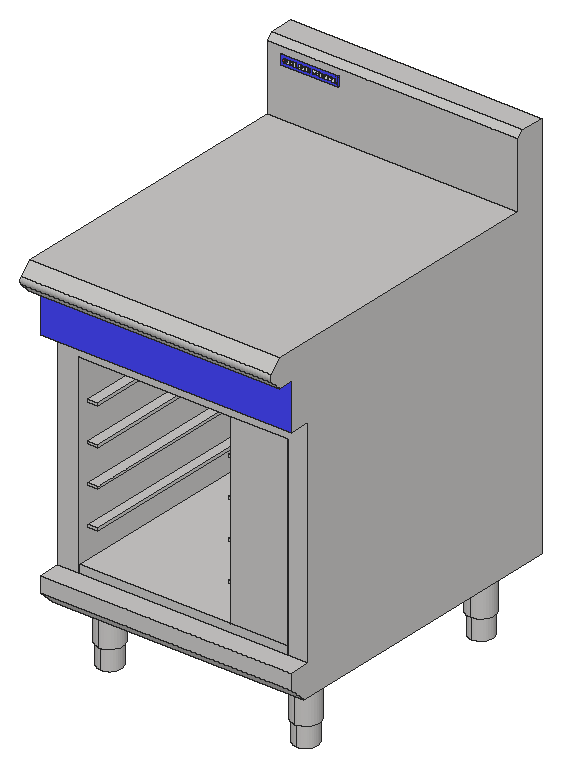
Revit family "QF_MOFFAT_BLUESEAL_CE_B60-CB", category Specialty Equipment, Revit 2012
Parameters
  Weight in Pounds = 130  # constant formula
  Width [instance] = 600.00 mm  # constant formula
  URL Cutsheet = "www.moffat.com"
  URL = "www.moffat.com"
  Type Mark [instance] = ""
  Status [instance] = ""
  Specification by User [instance] = ""
  Specification by Manufacturer = ""
  Show Logo [instance] = yes
  Show Casters [instance] = no
  Serial Number = ""
  Seismic Rating = ""
  SMACNA No = ""
  Revision Code [instance] = ""
  Omniclass Number and Title = ""
  NAFEM Spec ID Number = ""
  Model = "B60-CB"
  Masterspec = ""
  Manufacturer = "MOFFAT BLUESEAL"
  Legs [instance] = not(Show Casters)  # yes
  Item Number [instance] = ""
  Installed By [instance] = ""
  Identify Quantity as Lot [instance] = yes
  Height = 1085.00 mm  # constant formula
  Furnished By [instance] = ""
  Foodservice Equipment Identifier [instance] = yes
  Description = "600MM BENCH TOP ON CABINET BASE"
  Depth [instance] = 812.00 mm  # constant formula
  CSI MasterFormat = ""
  CSI Master Format = ""
  Back Splash [instance] = 57.00 mm  # constant formula
Reference planes
  plane 1 "BACK": y = 0
  plane 2: z = 0
  plane 3 "LEFT": x = 0
  plane 4 "RIGHT": x = 600
  plane 5 "FRONT": y = -812
  plane 6 "TOP": z = 972
  plane 7 "Center Y": x = 300
  plane 8 "Center X": y = -406
  plane 9 "Base Height": z = 150
  plane 10: z = 915
  plane 11: x = 65
  plane 12: x = 535
  plane 13: y = -625
  plane 14: y = -100
  plane 15: z = 1085
  plane 16: x = 450
Forms (mm)
  Extrusion 1, solid, material "QF_Finishes_Stainless Steel"
    sketch origin (0, 0, 0) x (0, 1, 0) y (0, 0, 1)
      loop
        line (-70, 222.5) -> (-749, 222.5) -> (-749, 186) -> (-713, 150) -> (0, 150) -> (0, 1085.5) -> (-57, 1085.5) -> (-70, 1072.5) -> (-70, 915) -> (-783.97, 915) -> (-808.485, 890.485)
        arc (-808.485, 890.485) -> (-811.999, 882) -> (-808.485, 873.515) r 12
        line (-808.485, 873.515) -> (-784.97, 850) -> (-749, 850) -> (-749, 740) -> (-699, 740) -> (-699, 687) -> (-70, 687) -> (-70, 222.5)
    from 0 to 600
  Revolve 2, solid, material "QF_Finishes_Stainless Steel"
    sketch origin (65, -728, 0) x (0, 1, 0) y (0, 0, 1)
      loop
        line (71.25, 150) -> (71.25, 50) -> (75.5, 50) -> (75.5, 0) -> (103, 0) -> (103, 150) -> (71.25, 150)
      axis (103, 150) -> (103, 0)
    angle from 0 to 360
  Revolve 3, solid, material "QF_Finishes_Stainless Steel"
    sketch origin (535, -728, 0) x (0, 1, 0) y (0, 0, -1)
      loop
        line (71.25, -150) -> (103, -150) -> (103, 0) -> (75.5, 0) -> (75.5, -50) -> (71.25, -50) -> (71.25, -150)
      axis (103, -150) -> (103, 0)
    angle from 0 to 360
  Extrusion 4, solid, material "QF_Finishes_Stainless Steel"
    sketch origin (0, -70, 1085.255) x (0, 0, -1) y (1, 0, 0)
      loop
        line (862.755, 50) -> (398.255, 50) -> (398.255, 0) -> (862.755, 0) -> (862.755, 50)
      loop
        line (862.755, 550) -> (862.755, 600) -> (398.255, 600) -> (398.255, 550) -> (862.755, 550)
    from 0 to 629
  Extrusion 5, solid, material "QF_Finishes_Stainless Steel"
    sketch origin (0, -70, 1085.255) x (0, 0, -1) y (1, 0, 0)
      loop
        line (684.568, 50) -> (684.568, 75) -> (678.218, 75) -> (678.218, 50) -> (684.568, 50)
      loop
        line (588.218, 75) -> (588.218, 50) -> (594.568, 50) -> (594.568, 75) -> (588.218, 75)
      loop
        line (774.568, 50) -> (774.568, 75) -> (768.218, 75) -> (768.218, 50) -> (774.568, 50)
      loop
        line (498.218, 75) -> (498.218, 50) -> (504.568, 50) -> (504.568, 75) -> (498.218, 75)
      loop
        line (684.568, 414.628) -> (678.218, 414.628) -> (678.218, 389.628) -> (684.568, 389.628) -> (684.568, 414.628)
      loop
        line (588.218, 389.628) -> (594.568, 389.628) -> (594.568, 414.628) -> (588.218, 414.628) -> (588.218, 389.628)
      loop
        line (774.568, 414.628) -> (768.218, 414.628) -> (768.218, 389.628) -> (774.568, 389.628) -> (774.568, 414.628)
      loop
        line (498.218, 389.628) -> (504.568, 389.628) -> (504.568, 414.628) -> (498.218, 414.628) -> (498.218, 389.628)
    from 0 to 604
  Revolve 6, solid, material "QF_Finishes_Stainless Steel", visible <- "Show Casters"
    sketch origin (15.776, -99.755, -13.653) x (1, 0, 0) y (0, 0, 1)
      loop
        line (14.841, 63.604) -> (83.584, 63.604) -> (83.584, 67.109) -> (82.314, 68.379) -> (80.79, 68.379) -> (80.79, 71.826) -> (68.644, 71.826) -> (68.644, 81.79) -> (65.088, 83.843) -> (63.738, 92.179) -> (65.881, 92.179) -> (65.881, 98.529) -> (65.088, 98.529) -> (65.088, 104.879)
        arc (65.088, 104.879) -> (62.298, 111.614) -> (55.563, 114.404) r 9.525
        line (55.563, 114.404) -> (42.863, 114.404)
        arc (42.863, 114.404) -> (36.127, 111.614) -> (33.338, 104.879) r 9.525
        line (33.338, 104.879) -> (33.338, 98.529) -> (32.544, 98.529) -> (32.544, 92.179) -> (34.687, 92.179) -> (33.352, 83.932) -> (29.782, 81.871) -> (29.782, 71.826) -> (17.635, 71.826) -> (17.635, 68.379) -> (16.111, 68.379) -> (14.841, 67.109) -> (14.841, 63.604)
      axis (14.841, 63.604) -> (83.584, 63.604)
    angle from 0 to 360
  Extrusion 7, solid, material "QF_Finishes_Stainless Steel", visible <- "Show Casters"
    sketch origin (71.501, 133.353, -8.783) x (0, 1, 0) y (0, 0, 1)
      loop
        line (-201.603, 118.783) -> (-265.103, 118.783) -> (-252.746, 53.895)
        arc (-252.746, 53.895) -> (-233.353, 38.783) -> (-213.959, 53.895) r 20
        line (-213.959, 53.895) -> (-201.603, 118.783)
    from -35.667 to 22.923
  Revolve 8, solid, material "QF_Finishes_Stainless Steel", visible <- "Show Casters"
    sketch origin (65, -203, 0) x (0, 1, 0) y (0, 0, 1)
      loop
        line (67.25, 150) -> (67.25, 110) -> (103, 110) -> (103, 150) -> (67.25, 150)
      axis (103, 150) -> (103, 110)
    angle from 0 to 360
  Revolve 9, solid, material "QF_Finishes_Stainless Steel", visible <- "Show Casters"
    sketch origin (535, -203, 0) x (0, 1, 0) y (0, 0, -1)
      loop
        line (67.25, -150) -> (103, -150) -> (103, -110) -> (67.25, -110) -> (67.25, -150)
      axis (103, -150) -> (103, -110)
    angle from 0 to 360
  Revolve 10, solid, material "QF_Finishes_Stainless Steel", visible <- "Show Casters"
    sketch origin (485.776, -99.755, -13.653) x (1, 0, 0) y (0, 0, 1)
      loop
        line (14.841, 63.604) -> (83.584, 63.604) -> (83.584, 67.109) -> (82.314, 68.379) -> (80.79, 68.379) -> (80.79, 71.826) -> (68.644, 71.826) -> (68.644, 81.79) -> (65.088, 83.843) -> (63.738, 92.179) -> (65.881, 92.179) -> (65.881, 98.529) -> (65.088, 98.529) -> (65.088, 104.879)
        arc (65.088, 104.879) -> (62.298, 111.614) -> (55.563, 114.404) r 9.525
        line (55.563, 114.404) -> (42.863, 114.404)
        arc (42.863, 114.404) -> (36.127, 111.614) -> (33.338, 104.879) r 9.525
        line (33.338, 104.879) -> (33.338, 98.529) -> (32.544, 98.529) -> (32.544, 92.179) -> (34.687, 92.179) -> (33.352, 83.932) -> (29.782, 81.871) -> (29.782, 71.826) -> (17.635, 71.826) -> (17.635, 68.379) -> (16.111, 68.379) -> (14.841, 67.109) -> (14.841, 63.604)
      axis (14.841, 63.604) -> (83.584, 63.604)
    angle from 0 to 360
  Extrusion 11, solid, material "QF_Finishes_Stainless Steel", visible <- "Show Casters"
    sketch origin (541.501, 133.353, -8.783) x (0, 1, 0) y (0, 0, 1)
      loop
        line (-201.603, 118.783) -> (-265.103, 118.783) -> (-252.746, 53.895)
        arc (-252.746, 53.895) -> (-233.353, 38.783) -> (-213.959, 53.895) r 20
        line (-213.959, 53.895) -> (-201.603, 118.783)
    from -35.667 to 22.923
  Revolve 12, solid, material "QF_Finishes_Stainless Steel", visible <- "Legs"
    sketch origin (65, -165, 0) x (0, 1, 0) y (0, 0, 1)
      loop
        line (33.25, 150) -> (33.25, 50) -> (37.5, 50) -> (37.5, 0) -> (65, 0) -> (65, 150) -> (33.25, 150)
      axis (65, 150) -> (65, 0)
    angle from 0 to 360
  Revolve 13, solid, material "QF_Finishes_Stainless Steel", visible <- "Legs"
    sketch origin (535, -165, 0) x (0, 1, 0) y (0, 0, -1)
      loop
        line (33.25, -150) -> (65, -150) -> (65, 0) -> (37.5, 0) -> (37.5, -50) -> (33.25, -50) -> (33.25, -150)
      axis (65, -150) -> (65, 0)
    angle from 0 to 360
  Extrusion 14, solid, material "QF_Finishes_Stainless Steel"
    sketch origin (0, -70, 1085.255) x (0, 0, -1) y (1, 0, 0)
      loop
        line (862.755, 50) -> (862.755, 550) -> (843.255, 550) -> (843.255, 50) -> (862.755, 50)
    from 0 to 629
  Extrusion 15, solid, material "QF_Finishes_Stainless Steel"
    sketch origin (0, -70, 1085.255) x (0, 0, -1) y (1, 0, 0)
      loop
        line (398.255, 414.628) -> (843.255, 414.628) -> (843.255, 550) -> (398.255, 550) -> (398.255, 414.628)
    from 0 to 629
Cuts and joins
  joined: Extrusion 1, Extrusion 4
Lines and regions (mm)
  Split face 1
    outline origin (525, 0, 1085.5) x (-1, 0, 0) y (0, -1, 0)
      loop
        arc (492.206, 18.385) -> (500.866, 23.385) -> (500.866, 33.385) r 10
        line (500.866, 33.385) -> (496.824, 40.385)
        arc (496.824, 40.385) -> (493.164, 44.045) -> (488.164, 45.385) r 10
        line (488.164, 45.385) -> (260.206, 45.385)
        arc (260.206, 45.385) -> (251.545, 40.385) -> (251.545, 30.385) r 10
        line (251.545, 30.385) -> (255.587, 23.385)
        arc (255.587, 23.385) -> (259.247, 19.725) -> (264.247, 18.385) r 10
        line (264.247, 18.385) -> (492.206, 18.385)
  Split face 2
    outline origin (824.828, -0.254, 1085.5) x (-1, 0, 0) y (0, -1, 0)
      loop
        arc (492.206, 18.385) -> (500.866, 23.385) -> (500.866, 33.385) r 10
        line (500.866, 33.385) -> (496.824, 40.385)
        arc (496.824, 40.385) -> (493.164, 44.045) -> (488.164, 45.385) r 10
        line (488.164, 45.385) -> (260.206, 45.385)
        arc (260.206, 45.385) -> (251.545, 40.385) -> (251.545, 30.385) r 10
        line (251.545, 30.385) -> (255.587, 23.385)
        arc (255.587, 23.385) -> (259.247, 19.725) -> (264.247, 18.385) r 10
        line (264.247, 18.385) -> (492.206, 18.385)
  symbolic lines
    curve 1: line (0, 0, 0) -> (0, -812, 0)
    curve 2: line (600, 0, 0) -> (0, 0, 0)
    curve 3: line (600, -812, 0) -> (600, 0, 0)
    curve 4: line (0, -70, 0) -> (600, -70, 0)
    curve 5: line (0, -812, 0) -> (600, -812, 0)
    curve 10: line (36.836, -45.385, 0) -> (264.794, -45.385, 0)
    curve 11: arc (264.794, -45.385, 0) -> (273.455, -40.385, 0) -> (273.455, -30.385, 0) r 10
    curve 12: line (273.455, -30.385, 0) -> (269.413, -23.385, 0)
    curve 13: arc (269.413, -23.385, 0) -> (265.753, -19.725, 0) -> (260.753, -18.385, 0) r 10
    curve 14: line (260.753, -18.385, 0) -> (32.794, -18.385, 0)
    curve 15: arc (32.794, -18.385, 0) -> (24.134, -23.385, 0) -> (24.134, -33.385, 0) r 10
    curve 16: line (24.134, -33.385, 0) -> (28.176, -40.385, 0)
    curve 17: arc (28.176, -40.385, 0) -> (31.836, -44.045, 0) -> (36.836, -45.385, 0) r 10
    curve 18: line (336.836, -45.385, 0) -> (564.794, -45.385, 0)
    curve 19: arc (564.794, -45.385, 0) -> (573.455, -40.385, 0) -> (573.455, -30.385, 0) r 10
    curve 20: line (573.455, -30.385, 0) -> (569.413, -23.385, 0)
    curve 21: arc (569.413, -23.385, 0) -> (565.753, -19.725, 0) -> (560.753, -18.385, 0) r 10
    curve 22: line (560.753, -18.385, 0) -> (332.794, -18.385, 0)
    curve 23: arc (332.794, -18.385, 0) -> (324.134, -23.385, 0) -> (324.134, -33.385, 0) r 10
    curve 24: line (324.134, -33.385, 0) -> (328.176, -40.385, 0)
    curve 25: arc (328.176, -40.385, 0) -> (331.836, -44.045, 0) -> (336.836, -45.385, 0) r 10
  symbolic lines, style "SpecialityEquipmentHiddenLines", visible <- "Show Casters"
    curve 6: line (78.456, -47.735, 0) -> (105.952, -63.61, 0)
    curve 7: line (27.656, -135.723, 0) -> (78.456, -47.735, 0)
    curve 8: line (55.152, -151.598, 0) -> (27.656, -135.723, 0)
    curve 9: line (105.952, -63.61, 0) -> (55.152, -151.598, 0)
    curve 26: line (548.456, -47.735, 0) -> (575.952, -63.61, 0)
    curve 27: line (497.656, -135.723, 0) -> (548.456, -47.735, 0)
    curve 28: line (525.152, -151.598, 0) -> (497.656, -135.723, 0)
    curve 29: line (575.952, -63.61, 0) -> (525.152, -151.598, 0)
Dimensions and locks
  equal spacing: plane 3 "LEFT", plane 7 "Center Y", plane 4 "RIGHT"
  "Width": plane 3 "LEFT" to plane 4 "RIGHT"
  equal spacing: plane 5 "FRONT", plane 8 "Center X", plane 1 "BACK"
  "Depth": plane 5 "FRONT" to plane 1 "BACK"
  locked: plane 10 to level at 915
  locked: plane 9 "Base Height" to level at 150
  plane 6 "TOP" to plane 10 = 57.00 mm
  plane 13 to plane 14 = 525.00 mm
  plane 12 to plane 11 = 470.00 mm
  "Height": plane 15 to level
  cut or joined group of Extrusion 1, Extrusion 4 to level = 915.00 mm
  Extrusion 1 sketch curve to level = 915.00 mm
  Revolve 6 sketch curve to Revolve 6 sketch curve = 50.80 mm
  Revolve 10 sketch curve to Revolve 10 sketch curve = 50.80 mm
  aligned and locked: level to plane 2
Automatic sketch dimensions
  Extrusion 1 sketch curve to plane 9 "Base Height" = 0.00 mm
  Extrusion 1 sketch curve to plane 1 "BACK" = 0.00 mm
  plane 15 to Extrusion 1 sketch curve = 0.50 mm
  plane 14 to Extrusion 1 sketch curve = 43.00 mm
  plane 14 to Extrusion 1 sketch curve = 30.00 mm  (x2)
  Extrusion 1 sketch curve to plane 13 = 74.00 mm
  Extrusion 1 sketch curve to plane 13 = 88.00 mm
  Extrusion 1 sketch curve to plane 5 "FRONT" = 63.00 mm  (x2)
  Extrusion 1 sketch curve to plane 5 "FRONT" = 28.03 mm
  Extrusion 1 sketch curve to plane 5 "FRONT" = 27.03 mm
  Extrusion 1 sketch curve to plane 5 "FRONT" = 12.001 mm
  Extrusion 1 sketch curve to plane 5 "FRONT" = 3.515 mm  (x2)
  plane 9 "Base Height" to Extrusion 1 sketch curve = 36.00 mm
  plane 9 "Base Height" to Extrusion 1 sketch curve = 72.50 mm
  Extrusion 1 sketch curve to plane 10 = 228.00 mm
  Extrusion 1 sketch curve to Extrusion 1 sketch curve = 53.00 mm
  Extrusion 1 sketch curve to plane 10 = 65.00 mm
  Extrusion 1 sketch curve to Extrusion 1 sketch curve = 23.515 mm
  Extrusion 1 sketch curve to Extrusion 1 sketch curve = 8.485 mm
  Extrusion 1 sketch curve to plane 15 = 12.50 mm
  Revolve 2 sketch curve to plane 9 "Base Height" = 0.00 mm
  Revolve 2 sketch curve to level = 0.00 mm
  Revolve 2 sketch curve to plane 13 = 0.00 mm  (x2)
  Revolve 2 sketch curve to plane 13 = 27.50 mm
  Revolve 2 sketch curve to plane 13 = 31.75 mm
  Revolve 2 sketch curve to Revolve 2 sketch curve = 55.00 mm
  level to Revolve 2 sketch curve = 50.00 mm
  Revolve 2 sketch curve to Revolve 2 sketch curve = 0.00 mm
  Revolve 3 sketch curve to plane 9 "Base Height" = 0.00 mm
  Revolve 3 sketch curve to level = 0.00 mm
  Revolve 3 sketch curve to plane 13 = 0.00 mm  (x2)
  Revolve 3 sketch curve to plane 13 = 27.50 mm
  Revolve 3 sketch curve to plane 13 = 31.75 mm
  level to Revolve 3 sketch curve = 50.00 mm
  Revolve 3 sketch curve to Revolve 3 sketch curve = 0.00 mm
  Revolve 3 sketch curve to Revolve 3 sketch curve = 55.00 mm
  Extrusion 4 sketch curve to Extrusion 1 = 0.00 mm  (x6)
  Extrusion 1 to Extrusion 4 sketch curve = 50.00 mm  (x2)
  plane 12 to Extrusion 5 sketch curve = 120.372 mm  (x4)
  Extrusion 5 sketch curve to plane 10 = 327.963 mm
  plane 11 to Extrusion 5 sketch curve = 10.00 mm  (x4)
  Extrusion 5 sketch curve to Extrusion 5 sketch curve = 0.00 mm
  Extrusion 5 sketch curve to Extrusion 5 sketch curve = 6.35 mm  (x8)
  Extrusion 5 sketch curve to Extrusion 5 sketch curve = 83.65 mm  (x6)
  plane 12 to Extrusion 5 sketch curve = 145.372 mm  (x4)
  Extrusion 5 sketch curve to plane 11 = 15.00 mm  (x4)
  plane 3 "LEFT" to Revolve 6 sketch curve = 30.618 mm
  Revolve 6 sketch curve to Revolve 6 sketch curve = 1.27 mm  (x4)
  Revolve 6 sketch curve to Revolve 6 sketch curve = 1.524 mm  (x2)
  Revolve 6 sketch curve to Revolve 6 sketch curve = 12.146 mm  (x2)
  Revolve 6 sketch curve to plane 11 = 16.68 mm
  Revolve 6 sketch curve to Revolve 6 sketch curve = 0.794 mm  (x2)
  Revolve 6 sketch curve to Revolve 6 sketch curve = 3.57 mm
  Revolve 6 sketch curve to Revolve 6 sketch curve = 2.143 mm
  Revolve 6 sketch curve to plane 11 = 6.361 mm
  plane 11 to Revolve 6 sketch curve = 5.13 mm
  plane 11 to Revolve 6 sketch curve = 6.339 mm
  plane 11 to Revolve 6 sketch curve = 14.515 mm
  Revolve 6 sketch curve to Revolve 6 sketch curve = 1.349 mm  (x2)
  Revolve 6 sketch curve to Revolve 6 sketch curve = 3.556 mm
  Revolve 6 sketch curve to Revolve 6 sketch curve = 33.32 mm
  level to Revolve 6 sketch curve = 49.952 mm
  Revolve 6 sketch curve to Revolve 6 sketch curve = 0.00 mm
  Revolve 6 sketch curve to Revolve 6 sketch curve = 3.505 mm  (x2)
  Revolve 6 sketch curve to Revolve 6 sketch curve = 3.447 mm  (x2)
  Revolve 6 sketch curve to Revolve 6 sketch curve = 9.964 mm
  Revolve 6 sketch curve to Revolve 6 sketch curve = 10.045 mm
  Revolve 6 sketch curve to Revolve 6 sketch curve = 2.053 mm
  Revolve 6 sketch curve to Revolve 6 sketch curve = 2.061 mm
  Revolve 6 sketch curve to Revolve 6 sketch curve = 8.247 mm
  Revolve 6 sketch curve to Revolve 6 sketch curve = 8.336 mm
  Revolve 6 sketch curve to Revolve 6 sketch curve = 6.35 mm  (x2)
  Extrusion 7 sketch curve to plane 14 = 0.00 mm
  Extrusion 7 sketch curve to plane 14 = 19.393 mm
  Extrusion 7 sketch curve to plane 14 = 31.75 mm
  plane 14 to Extrusion 7 sketch curve = 19.393 mm
  plane 14 to Extrusion 7 sketch curve = 31.75 mm
  level to Extrusion 7 sketch curve = 45.111 mm
  Extrusion 7 sketch curve to Extrusion 7 sketch curve = 4.889 mm
  Extrusion 7 sketch curve to plane 9 "Base Height" = 40.00 mm
  Revolve 8 sketch curve to plane 9 "Base Height" = 0.00 mm
  Revolve 8 sketch curve to plane 14 = 0.00 mm  (x2)
  Revolve 8 sketch curve to plane 14 = 35.75 mm
  Revolve 8 sketch curve to Revolve 8 sketch curve = 40.00 mm
  level to Revolve 8 sketch curve = 50.00 mm
  Revolve 8 sketch curve to level = 55.00 mm
  Revolve 9 sketch curve to plane 9 "Base Height" = 0.00 mm
  Revolve 9 sketch curve to plane 14 = 0.00 mm  (x2)
  Revolve 9 sketch curve to plane 14 = 35.75 mm
  Revolve 9 sketch curve to plane 9 "Base Height" = 40.00 mm
  level to Revolve 9 sketch curve = 50.00 mm
  Revolve 9 sketch curve to level = 55.00 mm
  plane 12 to Revolve 10 sketch curve = 34.382 mm
  Revolve 10 sketch curve to Revolve 10 sketch curve = 1.27 mm  (x4)
  Revolve 10 sketch curve to Revolve 10 sketch curve = 1.524 mm  (x2)
  Revolve 10 sketch curve to Revolve 10 sketch curve = 12.146 mm  (x2)
  plane 12 to Revolve 10 sketch curve = 16.68 mm
  Revolve 10 sketch curve to Revolve 10 sketch curve = 0.794 mm  (x2)
  Revolve 10 sketch curve to Revolve 10 sketch curve = 3.57 mm
  Revolve 10 sketch curve to Revolve 10 sketch curve = 2.143 mm
  plane 12 to Revolve 10 sketch curve = 6.361 mm
  Revolve 10 sketch curve to plane 12 = 5.13 mm
  Revolve 10 sketch curve to plane 12 = 6.339 mm
  Revolve 10 sketch curve to plane 12 = 14.515 mm
  Revolve 10 sketch curve to Revolve 10 sketch curve = 1.349 mm  (x2)
  Revolve 10 sketch curve to Revolve 10 sketch curve = 3.556 mm
  Revolve 10 sketch curve to plane 4 "RIGHT" = 152.68 mm
  level to Revolve 10 sketch curve = 49.952 mm
  Revolve 10 sketch curve to Revolve 10 sketch curve = 0.00 mm
  Revolve 10 sketch curve to Revolve 10 sketch curve = 3.505 mm  (x2)
  Revolve 10 sketch curve to Revolve 10 sketch curve = 3.447 mm  (x2)
  Revolve 10 sketch curve to Revolve 10 sketch curve = 9.964 mm
  Revolve 10 sketch curve to Revolve 10 sketch curve = 10.045 mm
  Revolve 10 sketch curve to Revolve 10 sketch curve = 2.053 mm
  Revolve 10 sketch curve to Revolve 10 sketch curve = 2.061 mm
  Revolve 10 sketch curve to Revolve 10 sketch curve = 8.247 mm
  Revolve 10 sketch curve to Revolve 10 sketch curve = 8.336 mm
  Revolve 10 sketch curve to Revolve 10 sketch curve = 6.35 mm  (x2)
  Extrusion 11 sketch curve to plane 14 = 0.00 mm
  Extrusion 11 sketch curve to plane 14 = 19.393 mm
  Extrusion 11 sketch curve to plane 14 = 31.75 mm
  plane 14 to Extrusion 11 sketch curve = 19.393 mm
  plane 14 to Extrusion 11 sketch curve = 31.75 mm
  level to Extrusion 11 sketch curve = 45.111 mm
  Extrusion 11 sketch curve to Extrusion 11 sketch curve = 4.889 mm
  Extrusion 11 sketch curve to plane 9 "Base Height" = 40.00 mm
  Revolve 12 sketch curve to plane 9 "Base Height" = 0.00 mm
  Revolve 12 sketch curve to level = 0.00 mm
  Revolve 12 sketch curve to plane 14 = 0.00 mm  (x2)
  Revolve 12 sketch curve to Revolve 12 sketch curve = 27.50 mm
  Revolve 12 sketch curve to Revolve 12 sketch curve = 31.75 mm
  Revolve 12 sketch curve to level = 55.00 mm
  Revolve 12 sketch curve to Revolve 12 sketch curve = 50.00 mm
  Revolve 12 sketch curve to Revolve 12 sketch curve = 0.00 mm
  Revolve 13 sketch curve to plane 9 "Base Height" = 0.00 mm
  Revolve 13 sketch curve to level = 0.00 mm
  Revolve 13 sketch curve to plane 14 = 0.00 mm  (x2)
  Revolve 13 sketch curve to Revolve 13 sketch curve = 27.50 mm
  Revolve 13 sketch curve to Revolve 13 sketch curve = 31.75 mm
  level to Revolve 13 sketch curve = 50.00 mm
  Revolve 13 sketch curve to Revolve 13 sketch curve = 0.00 mm
  Revolve 13 sketch curve to Revolve 13 sketch curve = 55.00 mm
  Extrusion 14 sketch curve to Extrusion 1 = 0.00 mm
  Extrusion 1 to Extrusion 14 sketch curve = 19.50 mm
  Extrusion 1 to Extrusion 14 sketch curve = 50.00 mm  (x2)
  Split face 1 sketch curve to cut or joined group of Extrusion 1, Extrusion 4 = 26.615 mm
  Split face 1 sketch curve to cut or joined group of Extrusion 1, Extrusion 4 = 273.455 mm
  Split face 1 sketch curve to Split face 1 sketch curve = 4.041 mm  (x4)
  Split face 1 sketch curve to Split face 1 sketch curve = 8.66 mm  (x2)
  Split face 1 sketch curve to cut or joined group of Extrusion 1, Extrusion 4 = 11.615 mm
  Split face 1 sketch curve to cut or joined group of Extrusion 1, Extrusion 4 = 36.836 mm
  Split face 1 sketch curve to Split face 1 sketch curve = 7.00 mm  (x3)
  Split face 1 sketch curve to Split face 1 sketch curve = 17.00 mm
  Split face 2 sketch curve to cut or joined group of Extrusion 1, Extrusion 4 = 26.717 mm
  Split face 2 sketch curve to Split face 2 sketch curve = 4.041 mm  (x4)
  Split face 2 sketch curve to Split face 2 sketch curve = 8.66 mm  (x2)
  Split face 2 sketch curve to cut or joined group of Extrusion 1, Extrusion 4 = 11.361 mm
  Split face 2 sketch curve to Split face 2 sketch curve = 223.917 mm
  Split face 2 sketch curve to Split face 2 sketch curve = 5.00 mm
  Split face 2 sketch curve to Split face 2 sketch curve = 10.00 mm
  Split face 2 sketch curve to Split face 2 sketch curve = 7.00 mm  (x3)
  Extrusion 1 to Extrusion 15 sketch curve = 464.50 mm
  Extrusion 1 to Extrusion 15 sketch curve = 19.50 mm
  Extrusion 1 to Extrusion 15 sketch curve = 414.628 mm
  Extrusion 1 to Extrusion 15 sketch curve = 50.00 mm
  curve 1 to plane 3 "LEFT" = 0.00 mm
  curve 5 to plane 4 "RIGHT" = 0.00 mm
  plane 5 "FRONT" to curve 1 = 0.00 mm
  plane 1 "BACK" to curve 2 = 0.00 mm
  plane 3 "LEFT" to curve 15 = 24.134 mm
  plane 3 "LEFT" to curve 7 = 27.656 mm
  curve 15 to curve 17 = 4.041 mm  (x2)
  curve 15 to curve 15 = 8.66 mm
  curve 9 to plane 11 = 9.848 mm
  plane 11 to curve 7 = 13.456 mm
  plane 1 "BACK" to curve 14 = 18.385 mm
  curve 14 to plane 7 "Center Y" = 39.247 mm
  curve 13 to curve 11 = 4.041 mm
  curve 13 to curve 13 = 8.66 mm
  curve 13 to curve 12 = 4.041 mm
  plane 7 "Center Y" to curve 23 = 24.134 mm
  curve 23 to curve 25 = 4.041 mm
  curve 23 to curve 23 = 8.66 mm
  curve 24 to curve 18 = 8.66 mm
  plane 12 to curve 27 = 37.344 mm
  plane 12 to curve 29 = 9.848 mm
  curve 27 to plane 12 = 13.456 mm
  curve 26 to curve 21 = 12.297 mm
  curve 26 to curve 18 = 16.339 mm
  curve 21 to curve 21 = 8.66 mm
  curve 21 to curve 20 = 4.041 mm
  curve 9 to plane 14 = 51.598 mm
  curve 28 to plane 14 = 51.598 mm
  curve 28 to curve 28 = 15.875 mm
  curve 8 to curve 8 = 15.875 mm
  curve 4 to curve 29 = 6.39 mm
  curve 10 to curve 13 = 27.00 mm
  curve 26 to curve 18 = 2.35 mm
  curve 18 to curve 25 = 5.00 mm
  curve 10 to curve 17 = 5.00 mm
  curve 18 to curve 19 = 10.00 mm
  curve 10 to curve 11 = 10.00 mm
  curve 25 to curve 24 = 7.00 mm
  curve 16 to curve 15 = 7.00 mm
  curve 19 to curve 21 = 7.00 mm
  curve 11 to curve 13 = 7.00 mm
  curve 25 to curve 23 = 7.00 mm
Nested families
  nested 1: "WALDORF LOGO_FACE BASE" at (32.128, -70, 1056.422) x (1, 0, 0) z (0, -1, 0), visible <- "Show Logo", type "WALDORF LOGO_FACE BASE", detail levels medium+fine
    with Show Logo yes
Definition of nested family "WALDORF LOGO_FACE BASE"
  Parameters (values of type "WALDORF LOGO_FACE BASE")
    Show Logo [instance] = yes
    Default Elevation = 1219.20 mm
  Reference planes
    plane 1 "Center (Front/Back)": y = 0
    plane 2: z = 0
    plane 3 "Center (Left/Right)": x = 0
  Forms (mm)
    Extrusion 1, solid
      sketch origin (0, 0, 0) x (1, 0, 0) y (0, 1, 0)
        loop
          line (-1219.2, 1219.2) -> (-1219.2, -1219.2) -> (1219.2, -1219.2) -> (1219.2, 1219.2) -> (-1219.2, 1219.2)
      from 0 to -304.8
    Extrusion 2, solid, material "QF_Finishes_Blue", visible <- "Show Logo"
      sketch origin (0, -33.217, 0) x (1, 0, 0) y (0, 1, 0)
        loop
          arc (138, 31.942) -> (137.626, 32.844) -> (136.724, 33.217) r 1.276
          line (136.724, 33.217) -> (1.29, 33.217)
          arc (1.29, 33.217) -> (0.378, 32.839) -> (0, 31.927) r 1.29
          line (0, 31.927) -> (0, 11.507)
          arc (0, 11.507) -> (0.378, 10.595) -> (1.29, 10.217) r 1.29
          line (1.29, 10.217) -> (136.71, 10.217)
          arc (136.71, 10.217) -> (137.622, 10.595) -> (138, 11.507) r 1.29
          line (138, 11.507) -> (138, 31.942)
      from 0 to 1.588
    Extrusion 3, solid, material "QF_Finishes_White", visible <- "Show Logo"
      sketch origin (0, -33.217, 1.588) x (1, 0, 0) y (0, 1, 0)
        loop
          arc (108.946, 25.919) -> (107.613, 25.367) -> (107.061, 24.034) r 1.885
          line (107.061, 24.034) -> (107.061, 17.211) -> (112.704, 17.211) -> (112.704, 19.129) -> (115.546, 19.129) -> (115.546, 17.211) -> (121.584, 17.211) -> (121.584, 24.075)
          arc (121.584, 24.075) -> (121.043, 25.379) -> (119.739, 25.919) r 1.845
          line (119.739, 25.919) -> (108.946, 25.919)
        loop
          line (123.478, 25.919) -> (123.478, 17.163) -> (134.904, 17.163) -> (134.904, 19.129) -> (129.246, 19.129) -> (129.246, 25.919) -> (123.478, 25.919)
        loop
          line (112.704, 21.258) -> (115.546, 21.258) -> (115.546, 22.702)
          arc (115.546, 22.702) -> (115.344, 23.188) -> (114.858, 23.389) r 0.687
          line (114.858, 23.389) -> (113.363, 23.389)
          arc (113.363, 23.389) -> (112.897, 23.196) -> (112.704, 22.73) r 0.658
          line (112.704, 22.73) -> (112.704, 21.258)
        loop
          line (105.071, 25.919) -> (93.771, 25.919) -> (93.771, 17.163) -> (105.071, 17.163) -> (105.071, 19.063) -> (99.535, 19.063) -> (99.535, 20.437) -> (105.071, 20.437) -> (105.071, 22.278) -> (99.535, 22.278) -> (99.535, 23.587) -> (105.071, 23.587) -> (105.071, 25.919)
        loop
          line (91.104, 25.919) -> (79.541, 25.919)
          arc (79.541, 25.919) -> (78.558, 25.513) -> (78.152, 24.53) r 1.389
          line (78.152, 24.53) -> (78.152, 22.08)
          arc (78.152, 22.08) -> (78.558, 21.098) -> (79.541, 20.691) r 1.389
          line (79.541, 20.691) -> (86.346, 20.691) -> (86.346, 18.864) -> (83.266, 18.864) -> (83.266, 19.664) -> (78.152, 19.664) -> (78.152, 18.553)
          arc (78.152, 18.553) -> (78.558, 17.57) -> (79.541, 17.163) r 1.389
          line (79.541, 17.163) -> (91.063, 17.163)
          arc (91.063, 17.163) -> (92.045, 17.57) -> (92.452, 18.553) r 1.389
          line (92.452, 18.553) -> (92.452, 20.691)
          arc (92.452, 20.691) -> (92.045, 21.673) -> (91.063, 22.08) r 1.389
          line (91.063, 22.08) -> (83.266, 22.08) -> (83.266, 23.984) -> (86.346, 23.984) -> (86.346, 22.743) -> (92.452, 22.743) -> (92.452, 24.571)
          arc (92.452, 24.571) -> (92.057, 25.524) -> (91.104, 25.919) r 1.348
        loop
          line (70.705, 25.919) -> (59.405, 25.919) -> (59.405, 17.163) -> (70.705, 17.163) -> (70.705, 19.063) -> (65.169, 19.063) -> (65.169, 20.437) -> (70.705, 20.437) -> (70.705, 22.278) -> (65.169, 22.278) -> (65.169, 23.587) -> (70.705, 23.587) -> (70.705, 25.919)
        loop
          line (57.598, 25.919) -> (51.7, 25.919) -> (51.7, 20.18)
          arc (51.7, 20.18) -> (50.63, 19.11) -> (49.56, 20.18) r 1.07
          line (49.56, 20.18) -> (49.56, 25.919) -> (43.663, 25.919) -> (43.663, 19.049)
          arc (43.663, 19.049) -> (44.215, 17.716) -> (45.548, 17.163) r 1.885
          line (45.548, 17.163) -> (55.71, 17.163)
          arc (55.71, 17.163) -> (57.045, 17.716) -> (57.598, 19.051) r 1.887
          line (57.598, 19.051) -> (57.598, 25.919)
        loop
          line (31.62, 25.919) -> (31.62, 17.163) -> (43.046, 17.163) -> (43.046, 19.129) -> (37.388, 19.129) -> (37.388, 25.919) -> (31.62, 25.919)
        loop
          line (15.969, 25.919) -> (15.969, 17.163) -> (28.693, 17.163)
          arc (28.693, 17.163) -> (29.812, 17.627) -> (30.276, 18.746) r 1.582
          line (30.276, 18.746) -> (30.276, 20.447) -> (29.48, 21.243) -> (30.276, 22.039) -> (30.276, 24.332)
          arc (30.276, 24.332) -> (29.811, 25.454) -> (28.688, 25.919) r 1.587
          line (28.688, 25.919) -> (15.969, 25.919)
        loop
          line (21.449, 24.159) -> (21.449, 22.436) -> (23.862, 22.436)
          arc (23.862, 22.436) -> (24.723, 23.298) -> (23.862, 24.159) r 0.861
          line (23.862, 24.159) -> (21.449, 24.159)
        loop
          line (21.449, 20.244) -> (21.449, 18.522) -> (23.862, 18.522)
          arc (23.862, 18.522) -> (24.723, 19.383) -> (23.862, 20.244) r 0.861
          line (23.862, 20.244) -> (21.449, 20.244)
      from 0 to 0.2
    Extrusion 4, solid, material "QF_Finishes_Blue", visible <- "Show Logo"
      sketch origin (-126.498, -31.09, 1.588) x (1, 0, 0) y (0, 1, 0)
        loop
          line (136.738, 23.522) -> (136.738, 15.1)
          arc (136.738, 15.1) -> (140.756, 19.311) -> (136.738, 23.522) r 4.216
      from 0 to 0.2
    Extrusion 5, solid, material "QF_Finishes_Red", visible <- "Show Logo"
      sketch origin (146.849, -31.09, 1.588) x (-1, 0, 0) y (0, -1, 0)
        loop
          arc (136.738, -23.522) -> (140.756, -19.311) -> (136.738, -15.1) r 4.216
          line (136.738, -15.1) -> (136.738, -23.522)
      from 0 to 0.2
  Lines and regions (mm)
    Split face 1
      outline origin (-90.35, -30.793, 1.588) x (1, 0, 0) y (0, 1, 0)
        loop
          circle (100.54, 19.013) r 4.536
  Dimensions and locks
    aligned and locked: plane 2 to Extrusion 1
    aligned and locked: level to Extrusion 1
